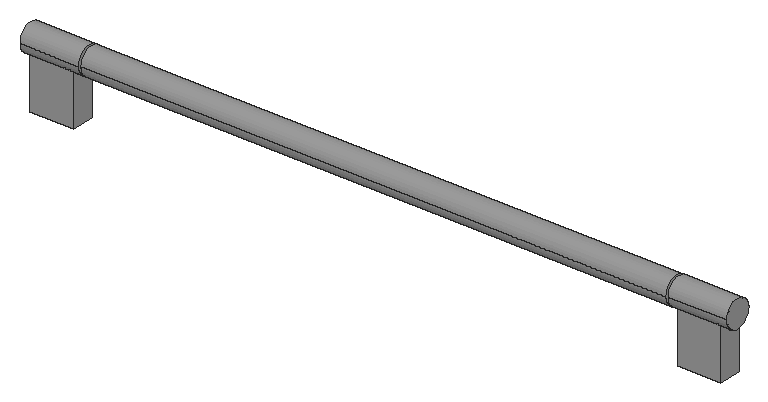
Revit family "KEUCO_14901010600", category Allgemeines Modell, Revit 2016
Family settings
  Teiletyp = Normal
  Kann Basisbauteil für Bewehrung sein = Nein
  Bemaßung runder Anschluss = Durchmesser verwenden
  Arbeitsebenenbasiert = Ja
  Immer vertikal = Nein
  Beim Laden mit Abzugskörper schneiden = Nein
  Gemeinsam genutzt = Nein
  Raumberechnungspunkt = Nein
Parameters (values of type "14901070600")
  Default Elevation = 1219.2 mm
  Verwendung = ""
  URL = "https://www.keuco.com/de/produkte/sortiment/artikel/?pid=14901&oid=1&pgo=1&country=de&lang=de&vid=14901070600"
  Serie = "Plan"  # constant formula
  Stange Material = Edelstahl
  Rail Length = 651 mm
  Preisgruppe = ""
  Materialien bei Hersteller anfragen = "Anfrage zu:  objektmanagement@keuco.de"
  Kategorie = ""
  Hersteller = "KEUCO"  # constant formula
  Gewicht = 0
  Beschreibung = "--"
  Assembly Code = "\r\nHochglanzverchromter Badetuchhalter in ästhetischem, funktionalem Design\r\nantistatisch, leicht zu reinigen\r\nAchsmaß 800 mm, bei einer Gesamtbreite von 851 mm\r\nAusladung 67 mm\r\nDer Badetuchhalter wird verdeckt angebracht\r\nLieferung inkl. korrosionsfreiem Befestigungsmaterial "
  Ausschreibungstext = "KEUCO PLAN Badetuchhalter 14901070600\r\nBadetuchhalter mit Halteelement aus hochwertigem Edelstahl \r\nin ästhetischem, funktionalem Design\r\nantistatisch, leicht zu reinigen\r\nAchsmaß 600 mm, bei einer Gesamtbreite von 651 mm\r\nAusladung 67 mm\r\nDer Badetuchhalter wird verdeckt angebracht\r\nLieferung inkl. korrosionsfreiem Befestigungsmaterial "
  Artikelnummer = "14901070600"
Types (6, lengths in mm): name | URL | Stange Material | Rail Length | Materialien bei Hersteller anfragen | Assembly Code | Ausschreibungstext | Artikelnummer
  14901010600 | "https://www.keuco.com/de/produkte/sortiment/artikel/?pid=14901&oid=1&pgo=1&country=de&lang=de&vid=14901010600" | verchromt | 651 | "Request to:  objektmanagement@keuco.de" | "" | "KEUCO PLAN Badetuchhalter 14901010600\r\nHochglanzverchromter Badetuchhalter in ästhetischem, funktionalem Design\r\nantistatisch, leicht zu reinigen\r\nAchsmaß 600 mm, bei einer Gesamtbreite von 651 mm\r\nAusladung 67 mm\r\nDer Badetuchhalter wird verdeckt angebracht\r\nLieferung inkl. korrosionsfreiem Befestigungsmaterial" | "14901010600"
  14901010800 | "https://www.keuco.com/de/produkte/sortiment/artikel/?pid=14901&oid=1&pgo=1&country=de&lang=de&vid=14901010800" | verchromt | 851 | "Request to:  objektmanagement@keuco.de" | "" | "KEUCO PLAN Badetuchhalter 14901010800\r\nHochglanzverchromter Badetuchhalter in ästhetischem, funktionalem Design\r\nantistatisch, leicht zu reinigen\r\nAchsmaß 800 mm, bei einer Gesamtbreite von 851 mm\r\nAusladung 67 mm\r\nDer Badetuchhalter wird verdeckt angebracht\r\nLieferung inkl. korrosionsfreiem Befestigungsmaterial " | "14901010800"
  14901070600 | "https://www.keuco.com/de/produkte/sortiment/artikel/?pid=14901&oid=1&pgo=1&country=de&lang=de&vid=14901070600" | Edelstahl | 651 | "Anfrage zu:  objektmanagement@keuco.de" | "\r\nHochglanzverchromter Badetuchhalter in ästhetischem, funktionalem Design\r\nantistatisch, leicht zu reinigen\r\nAchsmaß 800 mm, bei einer Gesamtbreite von 851 mm\r\nAusladung 67 mm\r\nDer Badetuchhalter wird verdeckt angebracht\r\nLieferung inkl. korrosionsfreiem Befestigungsmaterial " | "KEUCO PLAN Badetuchhalter 14901070600\r\nBadetuchhalter mit Halteelement aus hochwertigem Edelstahl \r\nin ästhetischem, funktionalem Design\r\nantistatisch, leicht zu reinigen\r\nAchsmaß 600 mm, bei einer Gesamtbreite von 651 mm\r\nAusladung 67 mm\r\nDer Badetuchhalter wird verdeckt angebracht\r\nLieferung inkl. korrosionsfreiem Befestigungsmaterial " | "14901070600"
  14901070800 | "https://www.keuco.com/de/produkte/sortiment/artikel/?pid=14901&oid=1&pgo=1&country=de&lang=de&vid=14901070800" | Edelstahl | 851 | "Request to:  objektmanagement@keuco.de" | "" | "KEUCO PLAN Badetuchhalter 14901070800\r\nBadetuchhalter mit Halteelement aus hochwertigem Edelstahl \r\nin ästhetischem, funktionalem Design\r\nantistatisch, leicht zu reinigen\r\nAchsmaß 800 mm, bei einer Gesamtbreite von 851 mm\r\nAusladung 67 mm\r\nDer Badetuchhalter wird verdeckt angebracht\r\nLieferung inkl. korrosionsfreiem Befestigungsmaterial" | "14901070800"
  14901170600 | "https://www.keuco.com/de/produkte/sortiment/artikel/?pid=14901&oid=1&pgo=1&country=de&lang=de&vid=14901170600" | Aluminium silber-eloxiert (E6 EV1) | 651 | "Request to:  objektmanagement@keuco.de" | "" | "KEUCO PLAN Badetuchhalter 14901170600\r\nEleganter Badetuchhalter mit Halteelementen \r\naus silber-eloxiertem Aluminium (E6 EV1)/verchromt \r\nin ästhetischem, funktionalem Design\r\nantistatisch, leicht zu reinigen\r\nDie Wandhalterungen sind als Design-Element hochglanzverchromt\r\nAchsmaß 600 mm, bei einer Gesamtbreite von 651 mm\r\nAusladung 67 mm\r\nDer Badetuchhalter wird verdeckt angebracht\r\nLieferung inkl. korrosionsfreiem Befestigungsmaterial " | "14901170600"
  14901170800 | "https://www.keuco.com/de/produkte/sortiment/artikel/?pid=14901&oid=1&pgo=1&country=de&lang=de&vid=14901170800" | Aluminium silber-eloxiert (E6 EV1) | 851 | "Request to:  objektmanagement@keuco.de" | "" | "KEUCO PLAN Badetuchhalter 14901170800\r\nEleganter Badetuchhalter mit Halteelementen\r\naus silber-eloxiertem Aluminium (E6 EV1)/verchromt \r\nin ästhetischem, funktionalem Design, \r\nantistatisch, leicht zu reinigen\r\nDie Wandhalterungen sind als Design-Element hochglanzverchromt\r\nAchsmaß 800 mm, bei einer Gesamtbreite von 851 mm\r\nAusladung 67 mm\r\nDer Badetuchhalter wird verdeckt angebracht\r\nLieferung inkl. korrosionsfreiem Befestigungsmaterial " | "14901170800"
Reference planes
  plane 1 "Center (Front/Back)": y = 0
  plane 2: z = 0
  plane 3 "Center (Left/Right)": x = 0
  plane 4: x = -325.5
  plane 5: x = 325.5
  plane 6: x = -318.156
  plane 7: x = -278.156
  plane 8: x = 278.375
  plane 9: x = 318.375
  plane 10: x = -271.486
  plane 11: x = 271.812
Forms (mm)
  Extrusion 1, solid, material "Edelstahl" <- "Stange Material", detail levels coarse
    sketch origin (0, 0, 0) x (0, 1, 0) y (0, 0, 1)
      loop
        circle (0, 54.743) r 12.5
    from -325.5 to 325.5
  Extrusion 2, solid, material "Edelstahl" <- "Stange Material"
    sketch origin (0, 0, 0) x (0, 1, 0) y (0, 0, 1)
      loop
        line (10.29, 0) -> (10.29, 47.606)
        arc (10.29, 47.606) -> (0, 42.243) -> (-10.29, 47.606) r 12.553
        line (-10.29, 47.606) -> (-10.29, 0) -> (10.29, 0)
    from -318.156 to -278.156
  Extrusion 3, solid, material "Edelstahl" <- "Stange Material"
    sketch origin (0, 0, 0) x (0, 1, 0) y (0, 0, 1)
      loop
        line (10.29, 0) -> (10.29, 47.606)
        arc (10.29, 47.606) -> (0, 42.243) -> (-10.29, 47.606) r 12.553
        line (-10.29, 47.606) -> (-10.29, 0) -> (10.29, 0)
    from 278.375 to 318.375
  Extrusion 4, solid, material "Edelstahl" <- "Stange Material", detail levels medium+fine
    sketch origin (0, 0, 0) x (0, 1, 0) y (0, 0, 1)
      loop
        circle (0, 54.743) r 12.5
    from -325.5 to -271.486
  Extrusion 5, solid, material "Edelstahl" <- "Stange Material", detail levels medium+fine
    sketch origin (0, 0, 0) x (0, 1, 0) y (0, 0, 1)
      loop
        circle (0, 54.743) r 12.5
    from 271.812 to 325.5
  Extrusion 6, solid, material "Edelstahl" <- "Stange Material", detail levels medium+fine
    sketch origin (0, 0, 0) x (0, 1, 0) y (0, 0, 1)
      loop
        circle (0, 54.743) r 12.5
    from -269.425 to 269.872
Dimensions and locks
  equal spacing: Extrusion 2 sketch curve, plane 1 "Center (Front/Back)", Extrusion 2 sketch curve
  equal spacing: plane 5, plane 3 "Center (Left/Right)", plane 4
  "Rail Length": plane 5 to plane 4
  locked: plane 6 to plane 4 at 7.344
  locked: plane 5 to plane 9 at 7.125
  locked: plane 7 to plane 6 at 40
  locked: plane 9 to plane 8 at 40
  Extrusion 3 sketch curve to Extrusion 3 sketch curve = 20.58 mm
  locked: plane 10 to plane 7 at 6.671
  locked: plane 8 to plane 11 at 6.563
  locked: plane 10 to Extrusion 6 at 2.06
  locked: Extrusion 6 to plane 11 at 1.941
  aligned and locked: level to plane 2
  aligned and locked: Extrusion 2 to plane 6
  aligned and locked: plane 7 to Extrusion 2
  aligned and locked: Extrusion 1 to plane 4
  aligned and locked: plane 5 to Extrusion 1
  aligned and locked: plane 9 to Extrusion 3
  aligned and locked: Extrusion 3 to plane 8
  aligned and locked: Extrusion 5 to Extrusion 1
  aligned and locked: plane 10 to Extrusion 4
  aligned and locked: Extrusion 1 to Extrusion 4
  aligned and locked: plane 5 to Extrusion 5
  aligned and locked: Extrusion 5 to plane 11
Automatic sketch dimensions
  Extrusion 1 sketch curve to plane 1 "Center (Front/Back)" = 0 mm
  level to Extrusion 1 sketch curve = 54.743 mm
  Extrusion 2 sketch curve to level = 0 mm
  Extrusion 2 sketch curve to plane 1 "Center (Front/Back)" = 0 mm
  plane 1 "Center (Front/Back)" to Extrusion 2 sketch curve = 10.29 mm
  level to Extrusion 2 sketch curve = 47.606 mm
  Extrusion 2 sketch curve to Extrusion 2 sketch curve = 7.19 mm
  Extrusion 3 sketch curve to level = 0 mm
  Extrusion 3 sketch curve to plane 1 "Center (Front/Back)" = 0 mm
  plane 1 "Center (Front/Back)" to Extrusion 3 sketch curve = 10.29 mm
  Extrusion 3 sketch curve to plane 1 "Center (Front/Back)" = 10.29 mm
  level to Extrusion 3 sketch curve = 47.606 mm
  Extrusion 3 sketch curve to Extrusion 3 sketch curve = 7.19 mm
  Extrusion 4 sketch curve to plane 1 "Center (Front/Back)" = 0 mm
  level to Extrusion 4 sketch curve = 54.743 mm
  Extrusion 5 sketch curve to plane 1 "Center (Front/Back)" = 0 mm
  level to Extrusion 5 sketch curve = 54.743 mm
  plane 1 "Center (Front/Back)" to Extrusion 6 sketch curve = 0 mm
  level to Extrusion 6 sketch curve = 54.743 mm
  radius of Extrusion 1 sketch curve = 12.5 mm
  radius of Extrusion 4 sketch curve = 12.5 mm
  radius of Extrusion 5 sketch curve = 12.5 mm
  radius of Extrusion 6 sketch curve = 12.5 mm
